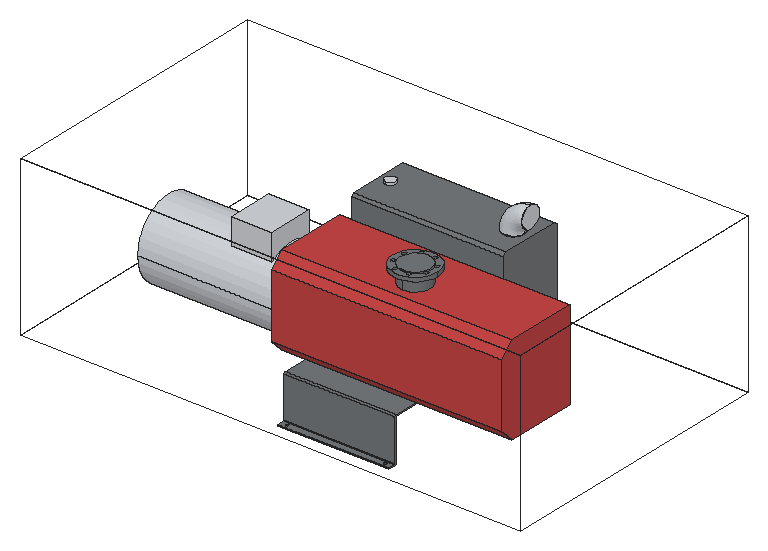
Revit family "HOSPIVAC G EVISA", category Equipement de génie climatique, Revit 2018
Family settings
  Cote de connecteur circulaire = Utiliser le diamètre
  Classification = Pompe
  Type d'élément = Normal
  Basée sur le plan de construction = Non
  Toujours verticalement = Oui
  Couper avec des vides une fois chargée = Non
  Partagée = Non
  Point de calcul de pièce = Non
Parameters (values of type "k - HOSPIVAC G E600")
  TYPE_SOCLE = SOCLE HOSPIVAC G EVISA : SOCLE E350/600
  TYPE_PPE = EVISA : m - E600.R
  TENSION_ALIM = 400 V  # constant formula
  PUISS_ELECT = 13 kW
  PUISS_APPARENTE = PUISS_ELECT / COS_PHI  # 14444.4 VA
  PROTEC_ELECT = "Disjoncteur courbe D - 40 A"
  PROTECTION_ELECTRIQUE = 40 A
  POIDS(Kg) = 558 mm
  OFFSET_LONG_PPE = 190 mm
  OFFSET_LARG_PPE = 300 mm
  NIVEAU_SONORE(dB(A)) = 74
  NEUTRE = no
  NBR_POLES = 3
  Modèle = "HOSPIVAC G EVISA"
  Lien espace client = "https://www.mils.fr/en/customers-area/"
  HAUT_PPE = 200 mm
  Fabricant = "MIL'S"
  FREQUENCE = 50 Hz  # constant formula
  DOUBLE_ALIMENTATION = no
  DIAM_ASPI_VIDE = 80 mm
  DESCR_REFOUL = "Refoulement Vide ; 635 m³/h ; G 3\" FEM"
  DESCR_ASPI = "Aspiration Vide ; 635 m³/h ; BRIDE DN80 TARAUDÉ G3\""
  DESCR_ALIM_ELECT = "Alimentation électrique, 4G10mm²"
  DEGAG_CALORIFIQUE(kJ/h) = "53745"
  DEBIT_ASPI_VIDE = 635.0 m³/h
  COS_PHI = 0.9  # constant formula
  BRANCHEMENT_TERRE = yes
Types (12, lengths in mm): name | TYPE_SOCLE | TYPE_PPE | PUISS_ELECT | PUISS_APPARENTE | PROTEC_ELECT | PROTECTION_ELECTRIQUE | POIDS(Kg) | OFFSET_LONG_PPE | OFFSET_LARG_PPE | NIVEAU_SONORE(dB(A)) | HAUT_PPE | DIAM_ASPI_VIDE | DESCR_REFOUL | DESCR_ASPI | DESCR_ALIM_ELECT | DEGAG_CALORIFIQUE(kJ/h) | DEBIT_ASPI_VIDE
  (no name) | SOCLE HOSPIVAC G EVISA : SOCLE E350/600 | EVISA : m - E600.R | 13 kW | 14444.4 VA | "Disjoncteur courbe D - 40 A" | 40 A | 558 | 190 | 300 | 74 | 200 | 80 | "Refoulement Vide ; 635 m³/h ; G 3\" FEM" | "Aspiration Vide ; 635 m³/h ; BRIDE DN80 TARAUDÉ G3\"" | "Alimentation électrique, 4G10mm²" | "53745" | 635.0 m³/h
  a - HOSPIVAC G E25 | SOCLE HOSPIVAC G EVISA : SOCLE E25/40 | EVISA : b - E25.R | 0.75 kW | 833.333 VA | "Disjoncteur courbe D - 4 A" | 4 A | 36 | 92.5 | 135 | 59 | 150 | 25 | "Refoulement Vide ; 28 m³/h ; G 1\" FEM" | "Aspiration Vide ; 28 m³/h ; G 1\" FEM" | "Alimentation électrique, 4G1.5mm²" | "3100" | 28.0 m³/h
  b - HOSPIVAC G E40 | SOCLE HOSPIVAC G EVISA : SOCLE E25/40 | EVISA : d - E40.R | 1.1 kW | 1222.22 VA | "Disjoncteur courbe D - 4 A" | 4 A | 40 | 92.5 | 135 | 58 | 150 | 25 | "Refoulement Vide ; 44 m³/h ; G 1\" FEM" | "Aspiration Vide ; 44 m³/h ; G 1\" FEM" | "Alimentation électrique, 4G1.5mm²" | "4548" | 44.0 m³/h
  c - HOSPIVAC G E65 | SOCLE HOSPIVAC G EVISA : SOCLE E65/100 | EVISA : e - E65.R | 1.5 kW | 1666.67 VA | "Disjoncteur courbe D - 6 A" | 6 A | 70.5 | 175.5 | 122.5 | 67 | 150 | 32 | "Refoulement Vide ; 68 m³/h ; G 1\"1/4 FEM" | "Aspiration Vide ; 68 m³/h ; G 1\"1/4 FEM" | "Alimentation électrique, 4G1.5mm²" | "6200" | 68.0 m³/h
  e - HOSPIVAC G E150 | SOCLE HOSPIVAC G EVISA : SOCLE E150/200 | EVISA : g - E150.R | 3 kW | 3333.33 VA | "Disjoncteur courbe D - 10 A" | 10 A | 166 | 133 | 171.3 | 69 | 150 | 50 | "Refoulement Vide ; 132 m³/h ; G 2\" FEM" | "Aspiration Vide ; 132 m³/h ; G 2\" FEM" | "Alimentation électrique, 4G2.5mm²" | "12403" | 132.0 m³/h
  d - HOSPIVAC G E100 | SOCLE HOSPIVAC G EVISA : SOCLE E65/100 | EVISA : f - E100.R | 2.2 kW | 2444.44 VA | "Disjoncteur courbe D - 10 A" | 10 A | 74.5 | 175.5 | 122.5 | 67 | 150 | 32 | "Refoulement Vide ; 100 m³/h ; G 1\"1/4 FEM" | "Aspiration Vide ; 100 m³/h ; G 1\"1/4 FEM" | "Alimentation électrique, 4G1.5mm²" | "9095" | 100.0 m³/h
  f - HOSPIVAC G E200 | SOCLE HOSPIVAC G EVISA : SOCLE E150/200 | EVISA : h - E200.R | 4 kW | 4444.44 VA | "Disjoncteur courbe D - 16 A" | 16 A | 155 | 133 | 171.3 | 71 | 150 | 50 | "Refoulement Vide ; 200 m³/h ; G 2\" FEM" | "Aspiration Vide ; 200 m³/h ; G 2\" FEM" | "Alimentation électrique, 4G2.5mm²" | "16537" | 200.0 m³/h
  g - HOSPIVAC G E300 | SOCLE HOSPIVAC G EVISA : SOCLE E300 | EVISA : i - E300.R | 5.5 kW | 6111.11 VA | "Disjoncteur courbe D - 20 A" | 20 A | 194 | 160 | 206 | 72 | 150 | 50 | "Refoulement Vide ; 300 m³/h ; G 2\" FEM" | "Aspiration Vide ; 300 m³/h ; G 2\" FEM" | "Alimentation électrique, 4G2.5mm²" | "22738" | 300.0 m³/h
  h - HOSPIVAC G E350 | SOCLE HOSPIVAC G EVISA : SOCLE E350/600 | EVISA : j - E350.R | 7.5 kW | 8333.33 VA | "Disjoncteur courbe D - 25 A" | 25 A | 391 | 190 | 300 | 72 | 200 | 80 | "Refoulement Vide ; 360 m³/h ; G 3\" FEM" | "Aspiration Vide ; 360 m³/h ; BRIDE DN80 TARAUDÉ G3\"" | "Alimentation électrique, 4G4mm²" | "31007" | 360.0 m³/h
  i - HOSPIVAC G E400 | SOCLE HOSPIVAC G EVISA : SOCLE E350/600 | EVISA : k - E400.R | 9 kW | 10000 VA | "Disjoncteur courbe D - 32 A" | 32 A | 436 | 190 | 300 | 72 | 200 | 80 | "Refoulement Vide ; 426 m³/h ; G 3\" FEM" | "Aspiration Vide ; 426 m³/h ; BRIDE DN80 TARAUDÉ G3\"" | "Alimentation électrique, 4G6mm²" | "37208" | 426.0 m³/h
  j - HOSPIVAC G E500 | SOCLE HOSPIVAC G EVISA : SOCLE E350/600 | EVISA : l - E500.R | 11 kW | 12222.2 VA | "Disjoncteur courbe D - 32 A" | 32 A | 490 | 190 | 300 | 73 | 200 | 80 | "Refoulement Vide ; 513 m³/h ; G 3\" FEM" | "Aspiration Vide ; 513 m³/h ; BRIDE DN80 TARAUDÉ G3\"" | "Alimentation électrique, 4G6mm²" | "45476" | 513.0 m³/h
  k - HOSPIVAC G E600 | SOCLE HOSPIVAC G EVISA : SOCLE E350/600 | EVISA : m - E600.R | 13 kW | 14444.4 VA | "Disjoncteur courbe D - 40 A" | 40 A | 558 | 190 | 300 | 74 | 200 | 80 | "Refoulement Vide ; 635 m³/h ; G 3\" FEM" | "Aspiration Vide ; 635 m³/h ; BRIDE DN80 TARAUDÉ G3\"" | "Alimentation électrique, 4G10mm²" | "53745" | 635.0 m³/h
Reference planes
  plane 1 "Centre (avant/arrière)": y = 0
  plane 2: z = 0
  plane 3 "Centre (gauche/droite)": x = 0
  plane 4: x = -545
  plane 5: x = -545
  plane 6: x = -245
  plane 7: z = 200
  plane 8: y = 300
  plane 9: x = -190
Forms (mm)
  Extrusion 1, solid, not visible
    sketch origin (-671.698, -1524, 268) x (-1, 0, 0) y (0, -1, 0)
      loop
        circle (-126.698, -1132) r 25
    from 0 to 17
  Extrusion 2, solid, not visible
    sketch origin (-671.698, -1524, 268) x (-1, 0, 0) y (0, -1, 0)
      loop
        circle (-126.698, -1132) r 25
    from 0 to 17
  Extrusion 3, solid, not visible
    sketch origin (-371.698, -1524, 268) x (-1, 0, 0) y (0, -1, 0)
      loop
        circle (-126.698, -1132) r 25
    from 0 to 17
Dimensions and locks
  "HAUT_PPE": plane 7 to level
  "OFFSET_LARG_PPE": plane 1 "Centre (avant/arrière)" to plane 8
  "OFFSET_LONG_PPE": plane 9 to plane 3 "Centre (gauche/droite)"
  radius of Extrusion 1 sketch curve = 25 mm
  radius of Extrusion 2 sketch curve = 25 mm
  radius of Extrusion 3 sketch curve = 25 mm
  aligned and locked: level to plane 2
  aligned and locked: nested 2 to plane 7
  aligned and locked: nested 2 to plane 8
  aligned and locked: nested 2 to plane 9
  aligned and locked: nested 1 to plane 2
  aligned and locked: plane 3 "Centre (gauche/droite)" to nested 1
  aligned and locked: plane 1 "Centre (avant/arrière)" to nested 1
Nested families
  nested 1: "SOCLE HOSPIVAC G EVISA" at (0, 0, 0), type <- "TYPE_SOCLE", type "SOCLE E350/600"
  nested 2: "EVISA" at (-190, 300, 200), type <- "TYPE_PPE", type "m - E600.R"
Connectors
  piping at (186, -182, 709), diameter 80, driven by "DIAM_ASPI_VIDE", driven by "DEBIT_ASPI_VIDE", driven by "DESCR_ASPI"
    settings: on nested 2, index 1, connector inside diameter 609.6 mm, connector length 0 mm, flow factor 0, pipe flow 635.0 m³/h, pressure drop 0.0 Pa, fitting loss kfactor 0, connector angle 0.00°, fixture units 0, engagement length 0 mm, angle of deflection 0.00°, flow configuration 0, flow direction 1, fitting loss method 0, system type 22, joint type 0, gender type 0, connector reference index -1, connector utility 1, adjustable connector no, is connector primary yes, connector description "Aspiration Vide ; 635 m³/h ; BRIDE DN80 TARAUDÉ G3\""
  piping at (411.5, 185, 811), diameter 80, driven by "DIAM_ASPI_VIDE", driven by "DEBIT_ASPI_VIDE", driven by "DESCR_REFOUL"
    settings: on nested 2, index 2, connector inside diameter 609.6 mm, connector length 0 mm, flow factor 0, pipe flow 635.0 m³/h, pressure drop 0.0 Pa, fitting loss kfactor 0, connector angle 0.00°, fixture units 0, engagement length 0 mm, angle of deflection 0.00°, flow configuration 0, flow direction 2, fitting loss method 0, system type 22, joint type 0, gender type 0, connector reference index -1, connector utility 0, adjustable connector no, is connector primary no, connector description "Refoulement Vide ; 635 m³/h ; G 3\" FEM"
  electrical at (-480.5, -269, 607.374), driven by "NBR_POLES", driven by "TENSION_ALIM", driven by "PUISS_APPARENTE", driven by "DESCR_ALIM_ELECT"
    settings: on nested 2, index 3, voltage 400 V, apparent load 14444.4 VA, apparent load phase1 0 VA, apparent load phase2 0 VA, apparent load phase3 0 VA, power factor 1, load classification "Moteur", number of poles 3, system type 30, power factor state 1, is connector primary yes, connector utility yes, sub classification motor no, connector description "Alimentation électrique, 4G10mm²"
Definition of nested family "SOCLE HOSPIVAC G EVISA"
  Parameters (values of type "SOCLE E65/100")
    ØFIX_SOL = 11 mm
    POIDS(Kg) = 0 mm
    OFFSET_FIX_SOL = 15 mm
    Lien espace client = ""
    LONG_ENTRAXE_FIX_SOL = 290 mm
    LONG = 390 mm
    LARG_2 = 305 mm
    LARG = 390 mm
    HAUT = 150 mm
    Manufacturer = "MIL'S"
    EP = 3 mm
    BRANCHEMENT_TERRE = yes
  Types (6, lengths in mm): name | ØFIX_SOL | OFFSET_FIX_SOL | LONG_ENTRAXE_FIX_SOL | LONG | LARG_2 | LARG | HAUT
    SOCLE E25/40 | 10 | 25 | 185 | 265 | 310 | 370 | 150
    SOCLE E65/100 | 11 | 15 | 290 | 390 | 305 | 390 | 150
    SOCLE E300 | 12 | 15 | 440 | 500 | 550 | 620 | 150
    SOCLE E150/200 | 11 | 15 | 290 | 370 | 400 | 460 | 150
    SOCLE E350/600 | 12 | 15 | 440 | 500 | 750 | 820 | 200
    SOCLE E60/100 | 11 | 15 | 290 | 390 | 305 | 390 | 150
  Reference planes
    plane 1 "Centre (avant/arrière)": y = 0
    plane 2: z = 0
    plane 3 "Centre (gauche/droite)": x = 0
    plane 4: x = -545
    plane 5: x = -545
    plane 6: x = -245
    plane 7: x = -195
    plane 8: x = 195
    plane 9: z = 150
    plane 10: y = -152.5
    plane 11: y = 152.5
    plane 12: y = -195
    plane 13: y = 195
    plane 14: z = 3
    plane 15: y = 180
    plane 16: y = -180
    plane 17: x = -145
    plane 18: x = 145
  Forms (mm)
    Extrusion 1, solid, not visible
      sketch origin (-671.698, -1524, 268) x (-1, 0, 0) y (0, -1, 0)
        loop
          circle (-126.698, -1132) r 25
      from 0 to 17
    Extrusion 2, solid, not visible
      sketch origin (-671.698, -1524, 268) x (-1, 0, 0) y (0, -1, 0)
        loop
          circle (-126.698, -1132) r 25
      from 0 to 17
    Extrusion 3, solid, not visible
      sketch origin (-371.698, -1524, 268) x (-1, 0, 0) y (0, -1, 0)
        loop
          circle (-126.698, -1132) r 25
      from 0 to 17
    Extrusion 4, solid
      sketch origin (0, -1524, 2179.106) x (0, 0, 1) y (0, -1, 0)
        loop
          arc (-2173.106, -1371.5) -> (-2175.227, -1370.621) -> (-2176.106, -1368.5) r 3
          line (-2176.106, -1368.5) -> (-2176.106, -1329) -> (-2179.106, -1329) -> (-2179.106, -1368.5)
          arc (-2179.106, -1368.5) -> (-2177.348, -1372.743) -> (-2173.106, -1374.5) r 6
          line (-2173.106, -1374.5) -> (-2035.106, -1374.5)
          arc (-2035.106, -1374.5) -> (-2032.984, -1375.379) -> (-2032.106, -1377.5) r 3
          line (-2032.106, -1377.5) -> (-2032.106, -1670.5)
          arc (-2032.106, -1670.5) -> (-2032.984, -1672.621) -> (-2035.106, -1673.5) r 3
          line (-2035.106, -1673.5) -> (-2173.106, -1673.5)
          arc (-2173.106, -1673.5) -> (-2177.348, -1675.257) -> (-2179.106, -1679.5) r 6
          line (-2179.106, -1679.5) -> (-2179.106, -1719) -> (-2176.106, -1719) -> (-2176.106, -1679.5)
          arc (-2176.106, -1679.5) -> (-2175.227, -1677.379) -> (-2173.106, -1676.5) r 3
          line (-2173.106, -1676.5) -> (-2035.106, -1676.5)
          arc (-2035.106, -1676.5) -> (-2030.863, -1674.743) -> (-2029.106, -1670.5) r 6
          line (-2029.106, -1670.5) -> (-2029.106, -1377.5)
          arc (-2029.106, -1377.5) -> (-2030.863, -1373.257) -> (-2035.106, -1371.5) r 6
          line (-2035.106, -1371.5) -> (-2173.106, -1371.5)
      from -195 to 195
    Extrusion 5, void
      sketch origin (4267.2, -507.689, 3) x (1, 0, 0) y (0, -1, 0)
        loop
          circle (-4412.2, -687.689) r 5.5
        loop
          circle (-4122.2, -687.689) r 5.5
        loop
          circle (-4412.2, -327.689) r 5.5
        loop
          circle (-4122.2, -327.689) r 5.5
      from 0 to 250
  Cuts and joins
    Extrusion 5 cuts Extrusion 4
  Dimensions and locks
    equal spacing: plane 8, plane 3 "Centre (gauche/droite)", plane 7
    "LONG": plane 8 to plane 7
    equal spacing: plane 10, plane 1 "Centre (avant/arrière)", plane 11
    equal spacing: plane 12, plane 1 "Centre (avant/arrière)", plane 13
    "LARG_2": plane 10 to plane 11
    "LARG": plane 12 to plane 13
    "HAUT": plane 9 to level
    "EP": plane 14 to level
    equal spacing: plane 17, plane 3 "Centre (gauche/droite)", plane 18
    "LONG_ENTRAXE_FIX_SOL": plane 17 to plane 18
    "OFFSET_FIX_SOL": plane 13 to plane 15
    "OFFSET_FIX_SOL": plane 16 to plane 12
    radius of Extrusion 1 sketch curve = 25 mm
    radius of Extrusion 2 sketch curve = 25 mm
    radius of Extrusion 3 sketch curve = 25 mm
    radius of Extrusion 4 sketch curve = 3 mm  (x4)
    radius of Extrusion 4 sketch curve = 6 mm  (x4)
    "ØFIX_SOL": diameter of Extrusion 5 sketch curve  (x4)
    aligned and locked: level to plane 2
    aligned and locked: Extrusion 4 sketch curve to plane 9
    aligned and locked: Extrusion 4 sketch curve to plane 10
    aligned and locked: Extrusion 4 sketch curve to plane 11
    aligned and locked: Extrusion 4 sketch curve to Extrusion 4 sketch curve
    aligned and locked: Extrusion 4 sketch curve to plane 12
    aligned and locked: Extrusion 4 sketch curve to plane 13
    aligned and locked: Extrusion 4 sketch curve to level
    aligned and locked: plane 14 to Extrusion 4 sketch curve
    aligned and locked: plane 8 to Extrusion 4
    aligned and locked: Extrusion 4 to plane 7
    aligned and locked: plane 17 to Extrusion 5 sketch curve  (x2)
    aligned and locked: plane 18 to Extrusion 5 sketch curve  (x2)
    aligned and locked: plane 15 to Extrusion 5 sketch curve  (x2)
    aligned and locked: plane 16 to Extrusion 5 sketch curve  (x2)
  Automatic sketch dimensions
    Extrusion 4 sketch curve to Extrusion 4 sketch curve = 0 mm  (x3)
    Extrusion 4 sketch curve to level = 0 mm
Definition of nested family "EVISA"
  Parameters (values of type "d - E40.R")
    ØVIDANGE = 30 mm
    ØSILENTB. = 30 mm
    ØFILTRE_HUILE = 76 mm
    ØCOUDE_REFOUL. = 30 mm
    ØBRIDE = 50 mm
    ØBOUCH_OIL = 48.5 mm
    ZONE_MAINTENANCE [instance] = yes
    TENSION_ALIM = 400 V
    REFOUL_E40-100.R+SILENTB_N°5 = yes
    SILENTB_N°2 = no
    SILENTB_N°1 = no
    VISIBILITE_BRIDE = no
    RAY_COUDE_REFOUL. = ØCOUDE_REFOUL. * 0.8  # 24 mm
    PUISS_ELECT = 1.1 kW
    PUISSANCE_APPARENTE = PUISS_ELECT / 0.9  # 1222.22 VA
    PROF.VIDANGE = 37 mm
    ZONE_MAINT_50 = 100 mm + LONG_REFOUL.  # 131 mm
    POIDS(Kg) = 34.3 mm
    NIVEAU_SONORE(dB(A)) = 58
    NEUTRE = no
    NBR_POLES = 3
    Model = "EVISA"
    Lien espace client = "https://www.mils.fr/en/customers-area/"
    LONG_ZONE_MAINT = LONGUEUR + ZONE_MAINT_400  # 843 mm
    LONG_OFFSET_SILENTB_E25/100.R = 104.587 mm
    ZONE_MAINT_400 = 400 mm  # constant formula
    LARG_REFOUL_E25/100.R = 47.5 mm
    LARG_OFFSET_VIDANGE = 63.3 mm
    LARG_OFFSET_SILENTB_E25/100.R = 253.5 mm
    ZONE_MAINT_200 = 200 mm  # constant formula
    LARGEUR = 300 mm
    HAUT_REFOUL_E25/100.R = 55 mm
    HAUT_REFOUL. = 225 mm
    HAUT_OFFSET_VIDANGE = 38.5 mm
    LONGUEUR = 443 mm
    LARG_OFFSET_MOT_ELECT. = 72.3 mm
    LARG_OFFSET_FILTRE = 62 mm
    LARG_OFFSET_CORPS = 22.2 mm
    OFFSET_BOITE_REFOUL. = 67 mm
    LONG_OFFSET_REFOUL = 214 mm
    LONG_OFFSET_CORPS = 300 mm
    LONG_OFFSET_BRIDE = 159 mm
    LONG_OFFSET_BOITE_BORNE = 179 mm
    LONG_MOT_ELECT. = 397.5 mm
    LONG_FILTRE_HUILE = 76 mm
    LONG_ENTRAXE_SILENTB. = 187 mm
    LONG_CORPS = 49 mm
    LONG_BOITE_REFOUL. = 312 mm
    ØMOT_ELECT. = 189 mm
    LONG_BOITE_BORNE = 85 mm
    LARG_OFFSET_OIL = 44 mm
    LARG_OFFSET_COUDE_REFOUL. = 131 mm
    LARG_OFFSET_BRIDE = 85 mm
    LARG_OFFSET_BOITE_BORNE = LARG_BOITE_BORNE / 2  # 42.5 mm
    LARG_ENTRAXE_SILENTB. = 253.5 mm
    LARG_CORPS = 172.2 mm
    LARG_BOITE_REFOUL. = 128 mm
    LARG_BOITE_BORNE = 85 mm
    HAUT_SILENTB. = 21 mm
    LONG_REFOUL. = 31 mm
    HAUT_BOITE_REFOUL. = 257 mm
    HAUT_MOT_ELECT. = 115.5 mm
    HAUT_FILTRE_HUILE = 65.5 mm
    HAUT_CORPS = 180 mm
    HAUT_BRIDE = 228 mm
    HAUT_BOITE_BORNE = 237 mm
    HAUTEUR = 258 mm
    Manufacturer = "MIL'S"
    DIAM_REFOUL_VIDE = DIAM_ASPI_VIDE  # 25 mm
    DIAM_ASPI_VIDE = 25 mm
    DESCR_REFOUL = "Refoulement Vide ; 44 m³/h ; G 1\" FEM"
    DESCR_ASPI = "Aspiration Vide ; 44 m³/h ; G 1\" FEM"
    DESCR_ALIM_ELECT = "Alimentation électrique, 4G1.5mm²"
    DEBIT_REFOUL_VIDE = DEBIT_ASPI_VIDE  # 44.0 m³/h
    DEBIT_ASPI_VIDE = 44.0 m³/h
    COUDE_REFOUL [instance] = no
    COS_PHI = 0.9  # constant formula
    CORPS = no
    CHANF.CORPS = 36 mm
    CHANF.REF.V = 5 mm
    BRANCHEMENT_TERRE = yes
  Types (13, lengths in mm): name | ØSILENTB. | ØFILTRE_HUILE | ØCOUDE_REFOUL. | ØBRIDE | REFOUL_E40-100.R+SILENTB_N°5 | SILENTB_N°2 | SILENTB_N°1 | VISIBILITE_BRIDE | RAY_COUDE_REFOUL. | PUISS_ELECT | PUISSANCE_APPARENTE | PROF.VIDANGE | ZONE_MAINT_50 | POIDS(Kg) | NIVEAU_SONORE(dB(A)) | NEUTRE | LONG_ZONE_MAINT | LONG_OFFSET_SILENTB_E25/100.R | LARG_REFOUL_E25/100.R | LARG_OFFSET_VIDANGE | LARG_OFFSET_SILENTB_E25/100.R | LARGEUR | HAUT_REFOUL_E25/100.R | HAUT_REFOUL. | HAUT_OFFSET_VIDANGE | LONGUEUR | LARG_OFFSET_MOT_ELECT. | LARG_OFFSET_FILTRE | LARG_OFFSET_CORPS | OFFSET_BOITE_REFOUL. | LONG_OFFSET_REFOUL | LONG_OFFSET_CORPS | LONG_OFFSET_BRIDE | LONG_OFFSET_BOITE_BORNE | LONG_MOT_ELECT. | LONG_FILTRE_HUILE | LONG_ENTRAXE_SILENTB. | LONG_CORPS | LONG_BOITE_REFOUL. | ØMOT_ELECT. | LONG_BOITE_BORNE | LARG_OFFSET_OIL | LARG_OFFSET_COUDE_REFOUL. | LARG_OFFSET_BRIDE | LARG_OFFSET_BOITE_BORNE | LARG_ENTRAXE_SILENTB. | LARG_CORPS | LARG_BOITE_REFOUL. | LARG_BOITE_BORNE | HAUT_SILENTB. | LONG_REFOUL. | HAUT_BOITE_REFOUL. | HAUT_MOT_ELECT. | HAUT_FILTRE_HUILE | HAUT_CORPS | HAUT_BRIDE | HAUT_BOITE_BORNE | HAUTEUR | DIAM_REFOUL_VIDE | DIAM_ASPI_VIDE | DESCR_REFOUL | DESCR_ASPI | DESCR_ALIM_ELECT | DEBIT_REFOUL_VIDE | DEBIT_ASPI_VIDE | COUDE_REFOUL | CORPS | CHANF.CORPS | CHANF.REF.V
    i - E300.R | 50 | 100 | 60 | 80 | no | yes | yes | no | 48 | 5.5 kW | 6111.11 VA | 36 | 161 | 172 | 72 | no | 1463 | 104.587 | 62.175 | 192.5 | 235.702 | 516 | 67.5 | 477 | 50 | 1063 | 35 | 118 | 121 | 108.5 | 440.5 | 662.5 | 306.5 | 8 | 385.5 | 138 | 260 | 688 | 610 | 264 | 125 | 53 | 277 | 141 | 62.5 | 344.5 | 280 | 236 | 125 | 31.5 | 61 | 420 | 170 | 82.5 | 312.5 | 360 | 362 | 426 | 50 | 50 | "Refoulement Vide ; 300 m³/h ; G 3\" FEM" | "Aspiration Vide ; 300 m³/h ; G 2\" FEM" | "Alimentation électrique, 4G2.5mm²" | 300.0 m³/h | 300.0 m³/h | yes | yes | 50 | 40
    a - E25.2 HV | 30 | 76 | 39 | 50 | no | yes | yes | no | 31.2 | 0.75 kW | 833.333 VA | 36 | 142 | 39 | 60 | no | 935 | 104.587 | 62.175 | 36.5 | 235.702 | 296 | 67.5 | 290 | 29.5 | 535 | 0 | 75 | 92 | 146 | 174 | 235 | 148 | 37 | 251 | 75 | 148 | 250 | 370 | 156 | 94 | 44 | 144 | 85 | 47 | 189 | 165 | 131 | 94 | 14 | 42 | 265 | 115.5 | 59 | 209 | 249.5 | 223 | 276 | 25 | 25 | "Refoulement Vide ; 30 m³/h ; G 1\" FEM" | "Aspiration Vide ; 30 m³/h ; G 1\" FEM" | "Alimentation électrique, 4G1.5mm²" | 30.0 m³/h | 30.0 m³/h | yes | yes | 36 | 5
    j - E350.R | 60 | 93 | 95 | 138 | no | yes | yes | yes | 76 | 7.5 kW | 8333.33 VA | 37 | 178 | 363 | 72 | no | 1760 | 104.587 | 62.175 | 235 | 235.702 | 682 | 67.5 | 614 | 46 | 1360 | 0 | 220 | 188 | 82 | 524 | 758 | 349 | 43 | 510 | 121 | 376 | 837 | 686 | 310 | 135 | 51 | 349 | 170 | 76.5 | 464 | 383 | 299 | 153 | 28 | 78 | 533 | 210 | 95 | 431 | 509 | 443 | 544 | 80 | 80 | "Refoulement Vide ; 360 m³/h ; G 3\" FEM" | "Aspiration Vide ; 360 m³/h ; BRIDE DN80" | "Alimentation électrique, 4G4mm²" | 360.0 m³/h | 360.0 m³/h | yes | yes | 55 | 12
    c - E40.2 HV | 30 | 76 | 32 | 50 | no | yes | yes | no | 25.6 | 1.1 kW | 1222.22 VA | 36 | 142 | 52 | 62 | no | 1020 | 104.587 | 62.175 | 36.5 | 235.702 | 296 | 67.5 | 290 | 29.5 | 620 | 0 | 75 | 92 | 109 | 211 | 337 | 185 | 27.8 | 274.5 | 75 | 185 | 345 | 370 | 175 | 109.5 | 44 | 144 | 85 | 54.75 | 189 | 165 | 131 | 109.5 | 5 | 42 | 265 | 111.5 | 59 | 209 | 249.5 | 237.5 | 276 | 25 | 25 | "Refoulement Vide ; 47.7 m³/h ; G 1\" FEM" | "Aspiration Vide ; 47.7 m³/h ; G 1\" FEM" | "Alimentation électrique, 4G1.5mm²" | 47.7 m³/h | 47.7 m³/h | yes | yes | 36 | 5
    g - E150.R | 50 | 93 | 64.5 | 80 | no | yes | yes | no | 51.6 | 3 kW | 3333.33 VA | 41 | 165 | 154 | 69 | no | 1319 | 104.587 | 62.175 | 192.5 | 235.702 | 516 | 67.5 | 477 | 50 | 919 | 42.5 | 118 | 121 | 155 | 394 | 478.5 | 260 | 33 | 385.5 | 138 | 260 | 504 | 610 | 255 | 127 | 53 | 277 | 141 | 63.5 | 344.5 | 278 | 238 | 127 | 25 | 65 | 420 | 168 | 82.5 | 312.5 | 360 | 353 | 426 | 50 | 50 | "Refoulement Vide ; 132 m³/h ; G 2\" FEM" | "Aspiration Vide ; 132 m³/h ; G 2\" FEM" | "Alimentation électrique, 4G2.5mm²" | 132.0 m³/h | 132.0 m³/h | yes | yes | 40 | 40
    h - E200.R | 50 | 93 | 64.5 | 80 | no | yes | yes | no | 51.6 | 4 kW | 4444.44 VA | 38 | 161 | 143 | 71 | no | 1317 | 104.587 | 62.175 | 192.5 | 235.702 | 516 | 67.5 | 477 | 50 | 917 | 35 | 118 | 121 | 155 | 394 | 569 | 260 | 31.7 | 323 | 138 | 260 | 594.5 | 610 | 220 | 86 | 53 | 277 | 141 | 43 | 344.5 | 278 | 238 | 86 | 25 | 61 | 420 | 172 | 82.5 | 312.5 | 360 | 320 | 426 | 50 | 50 | "Refoulement Vide ; 200 m³/h ; G 2\" FEM" | "Aspiration Vide ; 200 m³/h ; G 2\" FEM" | "Alimentation électrique, 4G2.5mm²" | 200.0 m³/h | 200.0 m³/h | yes | yes | 40 | 40
    k - E400.R | 60 | 93 | 95 | 138 | no | yes | yes | yes | 76 | 9 kW | 10000 VA | 27.5 | 178 | 408 | 72 | no | 1800 | 104.587 | 62.175 | 235 | 235.702 | 680 | 67.5 | 614 | 46 | 1400 | 0 | 220 | 188 | 81.5 | 523.5 | 827.5 | 376 | 43 | 510 | 121 | 376 | 883.5 | 685.5 | 310 | 135 | 51 | 349 | 170 | 76.5 | 464 | 383 | 299 | 153 | 28 | 78 | 533 | 210 | 95 | 431 | 509 | 443 | 544 | 80 | 80 | "Refoulement Vide ; 426 m³/h ; G 3\" FEM" | "Aspiration Vide ; 426 m³/h ; BRIDE DN80" | "Alimentation électrique, 4G6mm²" | 426.0 m³/h | 426.0 m³/h | yes | yes | 55 | 10
    l - E500.R | 60 | 93 | 95 | 138 | no | yes | yes | yes | 76 | 11 kW | 12222.2 VA | 27.5 | 178 | 462 | 73 | no | 1900 | 104.587 | 62.175 | 235 | 235.702 | 680 | 67.5 | 614 | 46 | 1500 | 0 | 220 | 186 | 81.5 | 523.5 | 853.5 | 376 | 67 | 552 | 121 | 376 | 943.5 | 685.5 | 348 | 180 | 51 | 349 | 168 | 105 | 464 | 381 | 299 | 210 | 28 | 78 | 533 | 210 | 95 | 431 | 509 | 466 | 544 | 80 | 80 | "Refoulement Vide ; 513 m³/h ; G 3\" FEM" | "Aspiration Vide ; 513 m³/h ; BRIDE DN80" | "Alimentation électrique, 4G6mm²" | 513.0 m³/h | 513.0 m³/h | yes | yes | 55 | 12
    m - E600.R | 60 | 93 | 95 | 138 | no | yes | yes | yes | 76 | 13 kW | 14444.4 VA | 27.5 | 178 | 531 | 74 | no | 2055 | 104.587 | 62.175 | 235 | 235.702 | 680 | 67.5 | 611 | 46 | 1655 | 0 | 220 | 186 | 81.5 | 523.5 | 900 | 376 | 65.5 | 614 | 121 | 376 | 1035 | 685.5 | 348 | 180 | 51 | 349 | 168 | 105 | 464 | 381 | 299 | 210 | 28 | 78 | 533 | 210 | 95 | 431 | 509 | 466 | 544 | 80 | 80 | "Refoulement Vide ; 635 m³/h ; G 3\" FEM" | "Aspiration Vide ; 635 m³/h ; BRIDE DN80" | "Alimentation électrique 4G10mm²" | 635.0 m³/h | 635.0 m³/h | yes | yes | 55 | 12
    b - E25.R | 30 | 76 | 30 | 50 | yes | no | no | no | 24 | 0.75 kW | 833.333 VA | 37 | 131 | 30 | 59 | yes | 843 | 104.587 | 45 | 63.3 | 253.5 | 300 | 55 | 225 | 38.5 | 443 | 72.3 | 62 | 22.2 | 67 | 214 | 300 | 159 | 179 | 397.5 | 76 | 187 | 49 | 312 | 189 | 85 | 44 | 131 | 85 | 42.5 | 253.5 | 172.2 | 128 | 85 | 21 | 31 | 258 | 115.5 | 65.5 | 180 | 228 | 237 | 258 | 25 | 25 | "Refoulement Vide ; 28 m³/h ; G 1\" FEM" | "Aspiration Vide ; 28 m³/h ; G 1\" FEM" | "Alimentation électrique, 4G1.5mm²" | 28.0 m³/h | 28.0 m³/h | no | no | 36 | 5
    d - E40.R | 30 | 76 | 30 | 50 | yes | no | no | no | 24 | 1.1 kW | 1222.22 VA | 37 | 131 | 34.3 | 58 | no | 843 | 104.587 | 47.5 | 63.3 | 253.5 | 300 | 55 | 225 | 38.5 | 443 | 72.3 | 62 | 22.2 | 67 | 214 | 300 | 159 | 179 | 397.5 | 76 | 187 | 49 | 312 | 189 | 85 | 44 | 131 | 85 | 42.5 | 253.5 | 172.2 | 128 | 85 | 21 | 31 | 257 | 115.5 | 65.5 | 180 | 228 | 237 | 258 | 25 | 25 | "Refoulement Vide ; 44 m³/h ; G 1\" FEM" | "Aspiration Vide ; 44 m³/h ; G 1\" FEM" | "Alimentation électrique, 4G1.5mm²" | 44.0 m³/h | 44.0 m³/h | no | no | 36 | 5
    e - E65.R | 30 | 76 | 15 | 60 | yes | yes | no | no | 12 | 1.5 kW | 1666.67 VA | 51.3 | 120 | 63.4 | 67 | no | 1097 | 200.5 | 48.5 | 63.5 | 234 | 331 | 60 | 248 | 43.5 | 697 | 8.5 | 62 | 99 | 98 | 449.5 | 571 | 351 | 411 | 686 | 76 | 351 | 49 | 567.5 | 215 | 110 | 55.5 | 78.5 | 107.5 | 55 | 205 | 204 | 127 | 110 | 23 | 20 | 285 | 127 | 65.5 | 180 | 279 | 253 | 285 | 32 | 32 | "Refoulement Vide ; 68 m³/h ; G 1\"1/4 FEM" | "Aspiration Vide ; 68 m³/h ; G 1\"1/4 FEM" | "Alimentation électrique, 4G1.5mm²" | 68.0 m³/h | 68.0 m³/h | no | no | 36 | 25
    f - E100.R | 30 | 76 | 15 | 60 | yes | yes | no | no | 12 | 2.2 kW | 2444.44 VA | 51.3 | 120 | 67.2 | 67 | no | 1097 | 200.5 | 50 | 63.5 | 235.8 | 331 | 60 | 248 | 43.5 | 697 | 8.5 | 62 | 99 | 49.223 | 498 | 571 | 351 | 411 | 686 | 76 | 351 | 49 | 567.5 | 215 | 110 | 55.5 | 79.5 | 97 | 55 | 205 | 207 | 124 | 110 | 23 | 20 | 285 | 127 | 65.5 | 180 | 279 | 253 | 285 | 32 | 32 | "Refoulement Vide ; 100 m³/h ; G 1\"1/4 FEM" | "Aspiration Vide ; 100 m³/h ; G 1\"1/4 FEM" | "Alimentation électrique, 4G1.5mm²" | 100.0 m³/h | 100.0 m³/h | no | no | 36 | 25
  Reference planes
    plane 1 "Centre (avant/arrière)": y = 0
    plane 2: z = 0
    plane 3 "Centre (gauche/droite)": x = 0
    plane 4: x = -545
    plane 5: x = -545
    plane 6: x = -245
    plane 7 "POS.SILENTB": y = -253.5
    plane 8: x = 187
    plane 9 "HAUTEUR SILENTB": z = 21
    plane 10: y = -275.7
    plane 11: y = -103.5
    plane 12 "FACE": y = 24.5
    plane 13: x = -67
    plane 14: x = 245
    plane 15: x = 251
    plane 16: x = 300
    plane 17 "GAUCHE": x = -146.5
    plane 18 "HAUTEUR FILTRE": z = 65.5
    plane 19 "HAUTEUR CORPS": z = 180
    plane 20 "HAUTEUR BOITE REFOUL": z = 257
    plane 21: x = -143
    plane 22 "OFFSET_FILT_HUILE": y = -37.5
    plane 23 "HAUTEUR MOTEUR": z = 115.5
    plane 24 "HAUTEUR BOITE BORNE": z = 237
    plane 25: x = 72
    plane 26: x = -13
    plane 27: y = -138.7
    plane 28: y = -223.7
    plane 29 "OFFSET_BRIDE": y = -190.7
    plane 30: x = 159
    plane 31 "HAUTEUR BRIDE": z = 228
    plane 32 "Refoulement": x = 214
    plane 33 "REFOULEMENT": y = -122.5
    plane 34 "HAUTEUR REFOUL": z = 225
    plane 35 "LG_REFOULEMENT": x = 245
    plane 36: x = -23
    plane 37 "OFFSET_LARG_MOT_ELECT.": y = -181.2
    plane 38 "OFFSET_LARG_VIDANGE": y = -38.8
    plane 39 "OFFSET_HAUT_VIDANGE": z = 38.5
    plane 40 "PROF.VIDANGE": x = 282
    plane 41 "HAUT_OFFSET_BRIDE": z = 225
    plane 42 "EPAISSEUR_BRIDE": z = 208
    plane 43 "HAUTEUR_REFOUL_E25/100.R": z = 202
    plane 44 "LARGEUR_REFOUL_E25/100.R": y = -151
    plane 45 "LARG_OFFSET_SILENTB_E25/100.R": x = 104.587
    plane 46: y = -253.5
    plane 47 "HAUT_ZONE_MAINT": z = 388
    plane 48 "ZONE_MAINT1": y = 224.5
    plane 49 "ZONE_MAINT2": y = -675.7
    plane 50 "ZONE_MAINT4": x = 696.5
    plane 51 "ZONE_MAINT3": x = -346.5
    plane 52 "BAS": z = 0
  Forms (mm)
    Extrusion 1, solid, not visible
      sketch origin (-671.698, -1524, 268) x (-1, 0, 0) y (0, -1, 0)
        loop
          circle (-126.698, -1132) r 25
      from 0 to 17
    Extrusion 2, solid, not visible
      sketch origin (-671.698, -1524, 268) x (-1, 0, 0) y (0, -1, 0)
        loop
          circle (-126.698, -1132) r 25
      from 0 to 17
    Extrusion 3, solid, not visible
      sketch origin (-371.698, -1524, 268) x (-1, 0, 0) y (0, -1, 0)
        loop
          circle (-126.698, -1132) r 25
      from 0 to 17
    Extrusion 4, solid
      sketch origin (-642.909, 391.084, 0) x (0.819152, -0.573576, 0) y (0.573576, 0.819152, 0)
        loop
          circle (750.957, 48.4) r 15
      from 0 to 21
    Extrusion 5, solid
      sketch origin (-411.344, 387.129, 0) x (0.819152, -0.573576, 0) y (0.573576, 0.819152, 0)
        loop
          circle (712.183, 26.079) r 15
      from 0 to 21
    Extrusion 6, solid, visible <- "SILENTB_N°1"
      sketch origin (-642.909, 46.084, 0) x (0.819152, -0.573576, 0) y (0.573576, 0.819152, 0)
        loop
          circle (698.474, 123.352) r 15
      from 0 to 21
    Extrusion 7, solid, visible <- "SILENTB_N°2"
      sketch origin (-384.128, 47.671, 0) x (0.819152, -0.573576, 0) y (0.573576, 0.819152, 0)
        loop
          circle (640.585, 80.881) r 15
      from 0 to 21
    Extrusion 8, solid, visible <- "CORPS"
      sketch origin (300, -181.5, 1200) x (0, 1, 0) y (0, 0, 1)
        loop
          line (78, -1179) -> (78, -1020) -> (-58.2, -1020) -> (-94.2, -1056) -> (-94.2, -1143) -> (-58.2, -1179) -> (78, -1179)
      from -49 to 0
    Extrusion 9, solid
      sketch origin (245, 313.535, 1200) x (0, 1, 0) y (0, 0, 1)
        loop
          line (-417.035, -948) -> (-417.035, -1179) -> (-289.035, -1179) -> (-289.035, -948) -> (-302.035, -943) -> (-404.035, -943) -> (-417.035, -948)
      from 0 to -312
    Extrusion 10, solid
      sketch origin (-67, 275.881, 1200) x (0, 1, 0) y (0, 0, 1)
        loop
          circle (-313.381, -1134.5) r 38
      from 0 to -76
    Extrusion 11, solid
      sketch origin (-67, 275.881, 1200) x (0, 1, 0) y (0, 0, 1)
        loop
          circle (-457.081, -1084.5) r 94.5
      from 318 to -79.5
    Extrusion 12, solid
      sketch origin (0, -298.805, 362) x (0, 1, 0) y (-1, 0, 0)
        loop
          line (160.105, 13) -> (75.105, 13) -> (75.105, -72) -> (160.105, -72) -> (160.105, 13)
      from -125 to -246.5
    Extrusion 13, solid
      sketch origin (0, -298.805, 237) x (0, 1, 0) y (-1, 0, 0)
        loop
          circle (108.105, -159) r 25
      from -9 to -57
    Sweep 14, solid, visible <- "COUDE_REFOUL"
      path origin (400.091, -122.5, 1200) x (-1, 0, 0) y (0, 0, 1)
        loop
          line (186.091, -1020) -> (186.091, -999)
          arc (186.091, -999) -> (179.061, -982.029) -> (162.091, -975) r 24
          line (162.091, -975) -> (155.091, -975)
      profile origin (214, -122.5, 190.5) x (1, 0, 0) y (0, 1, 0)
        loop
          circle (0, 0) r 15
    Extrusion 15, solid, visible <- "SILENTB_N°1"
      sketch origin (0, 84.824, 257) x (0, 1, 0) y (-1, 0, 0)
        loop
          circle (-207.324, 23) r 24.25
      from 0 to 7
    Extrusion 16, solid
      sketch origin (245, 313.535, 1200) x (0, 1, 0) y (0, 0, 1)
        loop
          circle (-352.335, -1161.5) r 15
      from 0 to 37
    Extrusion 17, solid, visible <- "VISIBILITE_BRIDE"
      sketch origin (146.61, -1524, 357) x (-1, 0, 0) y (0, -1, 0)
        loop
          circle (-12.39, -1333.3) r 100
      from -132 to -149
    Extrusion 18, void
      sketch origin (146.61, -1524, 225) x (0, -1, 0) y (-1, 0, 0)
        loop
          circle (-1407.207, 18.224) r 9
        loop
          circle (-1363.9, 61.51) r 9
        loop
          circle (-1407.2, -42.99) r 9
        loop
          circle (-1363.9, -86.29) r 9
        loop
          circle (-1302.7, 61.51) r 9
        loop
          circle (-1302.7, -86.29) r 9
        loop
          circle (-1259.4, 18.21) r 9
        loop
          circle (-1259.4, -42.99) r 9
      from -3 to 17
    Extrusion 19, solid, visible <- "REFOUL_E40-100.R+SILENTB_N°5"
      sketch origin (245, 313.535, 1200) x (0, 1, 0) y (0, 0, 1)
        loop
          line (-417.035, -998) -> (-417.035, -948) -> (-404.035, -943) -> (-444.535, -943)
          arc (-444.535, -943) -> (-458.677, -948.858) -> (-464.535, -963) r 20
          line (-464.535, -963) -> (-464.535, -978)
          arc (-464.535, -978) -> (-458.677, -992.142) -> (-444.535, -998) r 20
          line (-444.535, -998) -> (-417.035, -998)
      from 0 to -58
    Extrusion 20, solid, visible <- "REFOUL_E40-100.R+SILENTB_N°5"
      sketch origin (0, 0, 0) x (1, 0, 0) y (0, 1, 0)
        loop
          circle (104.587, -253.5) r 15
      from 0 to 115.5
    Extrusion 21, solid, visible <- "ZONE_MAINTENANCE"
      sketch origin (0, 0, 0) x (1, 0, 0) y (0, 1, 0)
        loop
          line (-346.5, 224.5) -> (-346.5, -675.7) -> (696.5, -675.7) -> (696.5, 224.5) -> (-346.5, 224.5)
      from 0 to 388
  Cuts and joins
    joined: Extrusion 11, Extrusion 12
    Extrusion 18 cuts Extrusion 17
  Dimensions and locks
    "LONG_ENTRAXE_SILENTB.": plane 8 to plane 3 "Centre (gauche/droite)"
    "LARG_ENTRAXE_SILENTB.": plane 7 "POS.SILENTB" to plane 1 "Centre (avant/arrière)"
    "HAUT_SILENTB.": plane 9 "HAUTEUR SILENTB" to level
    "LARG_BOITE_REFOUL.": plane 12 "FACE" to plane 11
    "LARG_OFFSET_CORPS": plane 7 "POS.SILENTB" to plane 10
    "LARG_CORPS": plane 11 to plane 10
    "LONG_BOITE_REFOUL.": plane 13 to plane 14
    "OFFSET_BOITE_REFOUL.": plane 13 to plane 3 "Centre (gauche/droite)"
    "LONG_CORPS": plane 15 to plane 16
    "LONG_MOT_ELECT.": plane 17 "GAUCHE" to plane 15
    "CHANF.CORPS": Extrusion 8 sketch curve to Extrusion 8 sketch curve  (x4)
    "HAUT_FILTRE_HUILE": plane 18 "HAUTEUR FILTRE" to level
    "HAUT_CORPS": plane 19 "HAUTEUR CORPS" to level
    "HAUT_BOITE_REFOUL.": plane 20 "HAUTEUR BOITE REFOUL" to level
    locked: Extrusion 9 sketch curve to Extrusion 9 sketch curve at 13  (x2)
    "CHANF.REF.V": Extrusion 9 sketch curve to Extrusion 9 sketch curve  (x2)
    "LARG_OFFSET_FILTRE": plane 12 "FACE" to plane 22 "OFFSET_FILT_HUILE"
    "HAUT_MOT_ELECT.": plane 23 "HAUTEUR MOTEUR" to level
    "HAUT_BOITE_BORNE": plane 24 "HAUTEUR BOITE BORNE" to level
    "LARG_BOITE_BORNE": plane 27 to plane 28
    "LONG_BOITE_BORNE": plane 26 to plane 25
    "LONG_OFFSET_BOITE_BORNE": plane 25 to plane 15
    "LONG_OFFSET_CORPS": plane 3 "Centre (gauche/droite)" to plane 16
    "LONG_OFFSET_BRIDE": plane 3 "Centre (gauche/droite)" to plane 30
    "HAUT_BRIDE": plane 31 "HAUTEUR BRIDE" to level
    "LONG_OFFSET_REFOUL": plane 3 "Centre (gauche/droite)" to plane 32 "Refoulement"
    "LARG_OFFSET_COUDE_REFOUL.": plane 33 "REFOULEMENT" to plane 7 "POS.SILENTB"
    "LONG_REFOUL.": plane 32 "Refoulement" to plane 35 "LG_REFOULEMENT"
    "LARG_OFFSET_OIL": plane 13 to plane 36
    "LARG_OFFSET_MOT_ELECT.": plane 37 "OFFSET_LARG_MOT_ELECT." to plane 7 "POS.SILENTB"
    "LARG_OFFSET_BOITE_BORNE": plane 27 to plane 37 "OFFSET_LARG_MOT_ELECT."
    "HAUT_OFFSET_VIDANGE": plane 39 "OFFSET_HAUT_VIDANGE" to level
    "LARG_OFFSET_VIDANGE": plane 38 "OFFSET_LARG_VIDANGE" to plane 12 "FACE"
    "PROF.VIDANGE": plane 14 to plane 40 "PROF.VIDANGE"
    "LONG_FILTRE_HUILE": plane 21 to plane 13
    "LARG_OFFSET_BRIDE": plane 29 "OFFSET_BRIDE" to plane 10
    locked: plane 41 "HAUT_OFFSET_BRIDE" to plane 42 "EPAISSEUR_BRIDE" at 17
    locked: Extrusion 18 sketch curve to plane 30 at 30.613
    locked: plane 29 "OFFSET_BRIDE" to Extrusion 18 sketch curve at 73.907
    locked: Extrusion 18 sketch curve to plane 30 at 73.9  (x2)
    locked: plane 29 "OFFSET_BRIDE" to Extrusion 18 sketch curve at 30.6
    locked: plane 29 "OFFSET_BRIDE" to Extrusion 18 sketch curve at 73.9
    locked: plane 30 to Extrusion 18 sketch curve at 30.6
    plane 29 "OFFSET_BRIDE" to Extrusion 18 sketch curve = 30.6 mm
    plane 30 to Extrusion 18 sketch curve = 73.9 mm
    locked: Extrusion 18 sketch curve to plane 29 "OFFSET_BRIDE" at 30.6  (x2)
    locked: Extrusion 18 sketch curve to plane 30 at 30.6
    locked: Extrusion 18 sketch curve to plane 29 "OFFSET_BRIDE" at 73.9  (x2)
    plane 30 to Extrusion 18 sketch curve = 30.6 mm
    locked: plane 30 to Extrusion 18 sketch curve at 73.9
    locked: plane 31 "HAUTEUR BRIDE" to plane 41 "HAUT_OFFSET_BRIDE" at 3
    "LARG_REFOUL_E25/100.R": plane 44 "LARGEUR_REFOUL_E25/100.R" to plane 11
    "HAUT_REFOUL_E25/100.R": plane 43 "HAUTEUR_REFOUL_E25/100.R" to plane 20 "HAUTEUR BOITE REFOUL"
    "LONG_OFFSET_SILENTB_E25/100.R": plane 3 "Centre (gauche/droite)" to plane 45 "LARG_OFFSET_SILENTB_E25/100.R"
    "LARG_OFFSET_SILENTB_E25/100.R": plane 1 "Centre (avant/arrière)" to plane 46
    "ZONE_MAINT_200": plane 51 "ZONE_MAINT3" to plane 17 "GAUCHE"
    "ZONE_MAINT_200": plane 48 "ZONE_MAINT1" to plane 12 "FACE"
    "ZONE_MAINT_400": plane 10 to plane 49 "ZONE_MAINT2"
    "ZONE_MAINT_50": plane 47 "HAUT_ZONE_MAINT" to plane 20 "HAUTEUR BOITE REFOUL"
    "HAUT_REFOUL.": plane 34 "HAUTEUR REFOUL" to level
    "LONG_ZONE_MAINT": plane 17 "GAUCHE" to plane 50 "ZONE_MAINT4"
    radius of Extrusion 1 sketch curve = 25 mm
    radius of Extrusion 2 sketch curve = 25 mm
    radius of Extrusion 3 sketch curve = 25 mm
    "ØSILENTB.": diameter of Extrusion 4 sketch curve
    "ØSILENTB.": diameter of Extrusion 5 sketch curve
    "ØSILENTB.": diameter of Extrusion 6 sketch curve
    "ØSILENTB.": diameter of Extrusion 7 sketch curve
    "ØFILTRE_HUILE": diameter of Extrusion 10 sketch curve
    "ØMOT_ELECT.": diameter of Extrusion 11 sketch curve
    "ØBRIDE": diameter of Extrusion 13 sketch curve
    "ØCOUDE_REFOUL.": diameter of Sweep 14 sketch curve
    "RAY_COUDE_REFOUL.": radius of Sweep 14 sketch curve
    "ØBOUCH_OIL": diameter of Extrusion 15 sketch curve
    "ØVIDANGE": diameter of Extrusion 16 sketch curve
    diameter of Extrusion 17 sketch curve = 200 mm
    diameter of Extrusion 18 sketch curve = 18 mm  (x8)
    radius of Extrusion 19 sketch curve = 20 mm  (x2)
    "ØSILENTB.": diameter of Extrusion 20 sketch curve
    aligned and locked: level to plane 2
    aligned and locked: Extrusion 4 to level
    aligned and locked: plane 9 "HAUTEUR SILENTB" to Extrusion 4
    aligned and locked: plane 8 to Extrusion 5 sketch curve
    aligned and locked: plane 1 "Centre (avant/arrière)" to Extrusion 5 sketch curve
    aligned and locked: plane 1 "Centre (avant/arrière)" to Extrusion 4 sketch curve
    aligned and locked: plane 3 "Centre (gauche/droite)" to Extrusion 4 sketch curve
    aligned and locked: plane 3 "Centre (gauche/droite)" to Extrusion 6 sketch curve
    aligned and locked: plane 7 "POS.SILENTB" to Extrusion 6 sketch curve
    aligned and locked: plane 8 to Extrusion 7 sketch curve
    aligned and locked: plane 7 "POS.SILENTB" to Extrusion 7 sketch curve
    aligned and locked: plane 9 "HAUTEUR SILENTB" to Extrusion 7
    aligned and locked: Extrusion 4 to Extrusion 7
    aligned and locked: Extrusion 5 to Extrusion 4
    aligned and locked: Extrusion 6 to Extrusion 4
    aligned and locked: Extrusion 6 to level
    aligned and locked: Extrusion 7 to level
    aligned and locked: Extrusion 5 to level
    aligned and locked: plane 9 "HAUTEUR SILENTB" to Extrusion 8 sketch curve
    aligned and locked: Extrusion 8 sketch curve to plane 11
    aligned and locked: Extrusion 8 sketch curve to plane 19 "HAUTEUR CORPS"
    aligned and locked: plane 10 to Extrusion 8 sketch curve
    aligned and locked: plane 16 to Extrusion 8
    aligned and locked: Extrusion 8 to plane 15
    aligned and locked: Extrusion 9 sketch curve to plane 9 "HAUTEUR SILENTB"
    aligned and locked: Extrusion 9 sketch curve to plane 11
    aligned and locked: Extrusion 9 sketch curve to plane 12 "FACE"
    aligned and locked: Extrusion 9 sketch curve to plane 20 "HAUTEUR BOITE REFOUL"
    aligned and locked: Extrusion 9 to plane 14
    aligned and locked: Extrusion 9 to plane 13
    aligned and locked: plane 18 "HAUTEUR FILTRE" to Extrusion 10 sketch curve
    aligned and locked: plane 22 "OFFSET_FILT_HUILE" to Extrusion 10 sketch curve
    aligned and locked: Extrusion 10 to plane 21
    aligned and locked: plane 23 "HAUTEUR MOTEUR" to Extrusion 11 sketch curve
    aligned and locked: plane 15 to Extrusion 11
    aligned and locked: Extrusion 11 to plane 17 "GAUCHE"
    aligned and locked: plane 27 to Extrusion 12 sketch curve
    aligned and locked: plane 26 to Extrusion 12 sketch curve
    aligned and locked: Extrusion 12 sketch curve to plane 28
    aligned and locked: Extrusion 12 sketch curve to plane 25
    aligned and locked: plane 24 "HAUTEUR BOITE BORNE" to Extrusion 12
    aligned and locked: Extrusion 12 to plane 23 "HAUTEUR MOTEUR"
    aligned and locked: Extrusion 13 sketch curve to plane 29 "OFFSET_BRIDE"
    aligned and locked: plane 30 to Extrusion 13 sketch curve
    aligned and locked: Extrusion 13 to plane 31 "HAUTEUR BRIDE"
    aligned and locked: Extrusion 13 to plane 19 "HAUTEUR CORPS"
    aligned and locked: profile plane to Sweep 14 sketch curve  (x2)
    aligned and locked: Sweep 14 sketch curve to plane 34 "HAUTEUR REFOUL"
    aligned and locked: Sweep 14 sketch curve to plane 32 "Refoulement"
    aligned and locked: plane 35 "LG_REFOULEMENT" to Sweep 14 sketch curve
    aligned and locked: plane 36 to Extrusion 15 sketch curve
    aligned and locked: plane 37 "OFFSET_LARG_MOT_ELECT." to Extrusion 11 sketch curve
    aligned and locked: Extrusion 16 sketch curve to plane 38 "OFFSET_LARG_VIDANGE"
    aligned and locked: Extrusion 16 sketch curve to plane 39 "OFFSET_HAUT_VIDANGE"
    aligned and locked: Extrusion 16 to plane 40 "PROF.VIDANGE"
    aligned and locked: plane 33 "REFOULEMENT" to Extrusion 15 sketch curve
    aligned and locked: Extrusion 17 sketch curve to plane 29 "OFFSET_BRIDE"
    aligned and locked: plane 30 to Extrusion 17 sketch curve
    aligned and locked: Extrusion 17 to plane 42 "EPAISSEUR_BRIDE"
    aligned and locked: plane 31 "HAUTEUR BRIDE" to Extrusion 18
    aligned and locked: Extrusion 18 to plane 42 "EPAISSEUR_BRIDE"
    aligned and locked: plane 41 "HAUT_OFFSET_BRIDE" to Extrusion 17
    aligned and locked: Extrusion 19 sketch curve to plane 43 "HAUTEUR_REFOUL_E25/100.R"
    aligned and locked: plane 20 "HAUTEUR BOITE REFOUL" to Extrusion 19 sketch curve
    aligned and locked: Extrusion 19 sketch curve to Extrusion 9  (x2)
    aligned and locked: Extrusion 19 sketch curve to plane 44 "LARGEUR_REFOUL_E25/100.R"
    aligned and locked: Extrusion 19 to plane 8
    aligned and locked: plane 23 "HAUTEUR MOTEUR" to Extrusion 20
    aligned and locked: plane 45 "LARG_OFFSET_SILENTB_E25/100.R" to Extrusion 20 sketch curve
    aligned and locked: plane 46 to Extrusion 20 sketch curve
    aligned and locked: Extrusion 21 to level
    aligned and locked: plane 48 "ZONE_MAINT1" to Extrusion 21
    aligned and locked: Extrusion 21 to plane 51 "ZONE_MAINT3"
    aligned and locked: Extrusion 21 to plane 49 "ZONE_MAINT2"
    aligned and locked: Extrusion 21 to plane 50 "ZONE_MAINT4"
    aligned and locked: Extrusion 21 to plane 47 "HAUT_ZONE_MAINT"
    aligned and locked: level to plane 52 "BAS"
    aligned and locked: plane 19 "HAUTEUR CORPS" to Sweep 14 sketch curve
  Automatic sketch dimensions
    Extrusion 21 sketch curve to plane 21 = 203.5 mm
    plane 16 to Extrusion 21 sketch curve = 396.5 mm
    Extrusion 21 sketch curve to plane 10 = 400 mm
    plane 12 "FACE" to Extrusion 21 sketch curve = 200 mm
  Connectors
    electrical at (29.5, -223.7, 218.452), driven by "TENSION_ALIM", driven by "PUISSANCE_APPARENTE", driven by "DESCR_ALIM_ELECT"
      settings: on cut or joined group of Extrusion 11, Extrusion 12, index 1, voltage 400 V, apparent load 1222.22 VA, apparent load phase1 0 VA, apparent load phase2 0 VA, apparent load phase3 0 VA, power factor 1, load classification none, number of poles 3, system type 30, power factor state 1, is connector primary yes, connector utility yes, sub classification motor no, connector description "Alimentation électrique, 4G1.5mm²"
    piping at (245, -122.5, 225), diameter 25, driven by "DIAM_REFOUL_VIDE", driven by "DESCR_ASPI", driven by "DEBIT_REFOUL_VIDE"
      settings: on Sweep 14, index 2, connector inside diameter 609.6 mm, connector length 0 mm, flow factor 0, pipe flow 44.0 m³/h, pressure drop 0.0 Pa, fitting loss kfactor 0, connector angle 0.00°, fixture units 0, engagement length 0 mm, angle of deflection 0.00°, flow configuration 0, flow direction 2, fitting loss method 0, system type 22, joint type 0, gender type 0, connector reference index -1, connector utility 1, adjustable connector no, is connector primary yes, connector description "Aspiration Vide ; 44 m³/h ; G 1\" FEM"
    piping at (159, -190.7, 228), diameter 25, driven by "DIAM_ASPI_VIDE", driven by "DEBIT_ASPI_VIDE", driven by "DESCR_ASPI"
      settings: on Extrusion 13, index 3, connector inside diameter 609.6 mm, connector length 0 mm, flow factor 0, pipe flow 44.0 m³/h, pressure drop 0.0 Pa, fitting loss kfactor 0, connector angle 0.00°, fixture units 0, engagement length 0 mm, angle of deflection 0.00°, flow configuration 0, flow direction 1, fitting loss method 0, system type 22, joint type 0, gender type 0, connector reference index -1, connector utility 1, adjustable connector no, is connector primary no, connector description "Aspiration Vide ; 44 m³/h ; G 1\" FEM"
